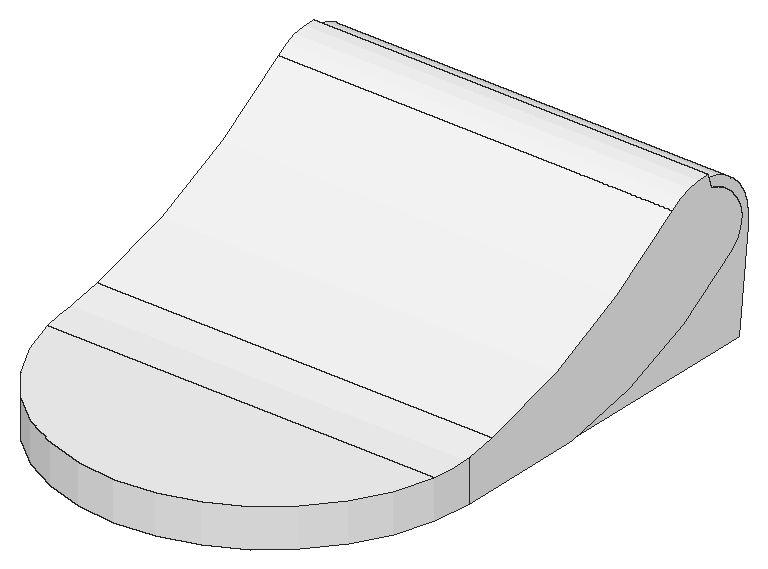
Revit family "Toilet_Seat-American_Standard-Advance_Clean-8012A80GRC.020", category Specialty Equipment, Revit 2018
Family settings
  Round Connector Dimension = Use Diameter
  Part Type = Normal
  OmniClass Number = 23.45.05.21.14.11
  OmniClass Title = Water Closet Seats
  Work Plane-Based = Yes
  Always vertical = No
  Cut with Voids When Loaded = No
  Shared = Yes
  Room Calculation Point = No
Parameters (values of type "8012A80GRC.020")
  Width = 21 1/2"  # constant formula
  Warranty Information = "1 Year Limited Warranty"
  URL = "https://www.americanstandard-us.com/"
  Product Page URL = "https://www.americanstandard-us.com/bathroom/spalet-bidet-seats/advanced-clean-20-spalet-bidet-seat-with-remote-control-operation-31909"
  Product Documentation Link = "https://www.americanstandard-us.com/-/media/sites/asus/files/product-specs/spalet-bidet-seats/advanced-clean-spalet-bidet-seats/spec-8012a80grc-020-spaletseat-wremote-f.pdf?la=en"
  Price = "Prices may vary. Please consult Manufacturer Representative for most up-to-date price list."  # constant formula
  Model = "8012A80GRC.020"
  Material = "Plastic-American Standard-020-White"
  Manufacturer = "American Standard"  # constant formula
  Length = 16 3/4"  # constant formula
  Installation Type = "Surface Mounted"
  IAPMO Compliance = "ASME A112.4.2/CSA B45.16"  # constant formula
  Hole Location = 5 1/2"  # constant formula
  Height = 6 3/8"  # constant formula
  Description = "American Standard Advanced Clean AC 2.0 SpaLet Seat With Remote Control Operation"  # constant formula
  Default Elevation = 0"
  Creation Date = "09/11/2017"  # constant formula
  Assembly Code = "C1030200"
Reference planes (in)
  plane 1 "Center (Front/Back)": y = 0
  plane 2: z = 0
  plane 3 "Center (Left/Right)": x = 0
  plane 4: z = 2.1875
  plane 5: y = 3
  plane 6: y = -3
  plane 7: x = 7.6875
  plane 8: x = -7.6875
  plane 9: y = -18.5
  plane 10: x = -9.0625
  plane 11: z = 6.375
  plane 12: x = -9.0625
Forms (in)
  Extrusion 1, solid, material "Plastic-American Standard-020-White"
    sketch origin (0.28491, -0.17924, 1.01655) x (1, 0, 0) y (0, 0.939693, 0.34202)
      loop
        line (-7.97241, 1.50812) -> (-8.98523, 1.11979)
        arc (-8.98523, 1.11979) -> (-9.24673, 0.94007) -> (-9.34741, 0.63916) r 0.5
        line (-9.34741, 0.63916) -> (-9.34741, -1.53674)
        arc (-9.34741, -1.53674) -> (-9.30299, -1.74277) -> (-9.17762, -1.91219) r 0.5
        line (-9.17762, -1.91219) -> (-7.97241, -2.97218) -> (-7.97241, 1.50812)
    from 0 to 0.55078
  Extrusion 2, solid, material "Plastic-American Standard-020-White"
    sketch origin (0, 0, 0) x (0, 1, 0) y (0, 0, 1)
      loop
        line (2.52421, 0) -> (2.97445, 3.66691)
        arc (2.97445, 3.66691) -> (1.7735, 6.05847) -> (-0.89617, 5.87217) r 2.41391
        arc (-0.89617, 5.87217) -> (-5.05387, 3.34218) -> (-9.66527, 1.78578) r 22.05305
        arc (-9.66527, 1.78578) -> (-10.98208, 1.57165) -> (-12.31427, 1.5) r 12.42009
        line (-12.31427, 1.5) -> (-18.5, 1.5) -> (-18.5, 0) -> (2.52421, 0)
    from -9.5 to 9.4979
  Extrusion 3, void
    sketch origin (0, 0, 0) x (1, 0, 0) y (0, 1, 0)
      loop
        line (-7.6875, -10.8125) -> (-7.6875, 3) -> (-9.75, 3) -> (-9.75, -19.5) -> (10.1875, -19.5) -> (10.1875, 3) -> (7.6875, 3) -> (7.6875, -10.8125)
        arc (7.6875, -10.8125) -> (0, -18.5) -> (-7.6875, -10.8125) r 7.6875
    from 0 to 6.85171
  Extrusion 4, void
    sketch origin (0, 0, 0) x (0, 1, 0) y (0, 0, 1)
      loop
        line (3.0625, -0.25) -> (3.0625, 4.18543)
        arc (3.0625, 4.18543) -> (2.40718, 5.77114) -> (0.82361, 6.4316) r 2.24618
        line (0.82361, 6.4316) -> (0.98441, 5.83147)
        arc (0.98441, 5.83147) -> (1.80709, 5.42864) -> (2.34835, 4.68966) r 1.91391
        arc (2.34835, 4.68966) -> (2.40185, 3.89778) -> (1.96777, 3.23332) r 1.25
        arc (1.96777, 3.23332) -> (-1.85605, 1.01305) -> (-6.1509, -0.03833) r 15.5139
        line (-6.1509, -0.03833) -> (-6.1509, -0.25) -> (3.0625, -0.25)
    from -7.61216 to -7.6875
  Extrusion 5, void
    sketch origin (23, 0, 0) x (0, 1, 0) y (0, 0, 1)
      loop
        line (3.0625, -0.25) -> (3.0625, 4.18543)
        arc (3.0625, 4.18543) -> (2.39914, 5.77917) -> (0.80088, 6.43155) r 2.24618
        line (0.80088, 6.43155) -> (0.96031, 5.83654)
        arc (0.96031, 5.83654) -> (1.79762, 5.43652) -> (2.34835, 4.68966) r 1.91391
        arc (2.34835, 4.68966) -> (2.40185, 3.89778) -> (1.96777, 3.23332) r 1.25
        arc (1.96777, 3.23332) -> (-1.85605, 1.01305) -> (-6.1509, -0.03833) r 15.5139
        line (-6.1509, -0.03833) -> (-6.1509, -0.25) -> (3.0625, -0.25)
    from -15.23909 to -15.38268
  Extrusion 6, void
    sketch origin (0, 0, 0) x (0, 1, 0) y (0, 0, 1)
      loop
        arc (2.97445, 3.66691) -> (2.47137, 5.45914) -> (0.84266, 6.36051) r 2.41391
        line (0.84266, 6.36051) -> (0.87752, 6.23039)
        arc (0.87752, 6.23039) -> (2.38842, 5.36231) -> (2.85038, 3.68215) r 2.28891
        line (2.85038, 3.68215) -> (2.39827, 0) -> (2.52421, 0) -> (2.97445, 3.66691)
    from -7.61216 to 7.61732
Cuts and joins
  Extrusion 5 cuts Extrusion 1
  Extrusion 3, Extrusion 4, Extrusion 5, Extrusion 6 cuts Extrusion 2
  joined: Extrusion 1, Extrusion 2
Lines and regions (in)
  Masking region 1
    outline origin (0, 0, 0) x (1, 0, 0) y (0, 1, 0)
      loop
        line (-7.6875, 1.31975) -> (-8.70032, 0.93142)
        arc (-8.70032, 0.93142) -> (-8.96182, 0.75169) -> (-9.0625, 0.45078) r 0.5
        line (-9.0625, 0.45078) -> (-9.0625, -1.73056)
        arc (-9.0625, -1.73056) -> (-9.00397, -1.9653) -> (-8.8421, -2.14508) r 0.5
        line (-8.8421, -2.14508) -> (-7.6875, -3.16056) -> (-7.6875, -10.8125)
        arc (-7.6875, -10.8125) -> (0, -18.5) -> (7.6875, -10.8125) r 7.6875
        line (7.6875, -10.8125) -> (7.6875, 2.44246) -> (7.61732, 2.44246) -> (7.61732, 2.86744) -> (-7.61216, 2.86744) -> (-7.61216, 2.44246) -> (-7.6875, 2.44246) -> (-7.6875, 1.31975)
  symbolic lines, detail levels medium+fine
    curve 1: line (-7.6875, -3.16056, 0) -> (-7.6875, 1.31975, 0)
  symbolic lines, detail levels fine
    curve 2: line (-7.61216, 2.44246, 0) -> (-7.61216, 0.87752, 0)
    curve 3: line (-7.6875, 0.87752, 0) -> (7.6875, 0.87752, 0)
    curve 4: line (7.61732, 0.87752, 0) -> (7.61732, 2.44246, 0)
Dimensions and locks (in)
  plane 6 to plane 5 = 6"
  "Width": plane 5 to plane 9
  plane 8 to plane 7 = 15 3/8"  (x2)
  "Height": plane 11 to plane 2
  "Length": plane 10 to plane 7
  aligned and locked: level to plane 2
Automatic sketch dimensions
  Extrusion 2 sketch curve to plane 9 = 0"
  Extrusion 2 sketch curve to level = 0"
  Extrusion 2 sketch curve to plane 9 = 4.13119"
  Extrusion 2 sketch curve to plane 4 = 11/16"
  Extrusion 2 sketch curve to Extrusion 2 sketch curve = 6.18573"
  Extrusion 2 sketch curve to plane 1 "Center (Front/Back)" = 0.57854"
  Extrusion 2 sketch curve to plane 5 = 0.47579"
  Extrusion 2 sketch curve to plane 5 = 0.02555"
  plane 4 to Extrusion 2 sketch curve = 1.47941"
  plane 4 to Extrusion 2 sketch curve = 1.77359"
  plane 11 to Extrusion 2 sketch curve = 7.54509"
  Extrusion 2 sketch curve to Extrusion 2 sketch curve = 9.41131"
  Extrusion 2 sketch curve to Extrusion 2 sketch curve = 0"
  Extrusion 3 sketch curve to plane 5 = 0"  (x2)
  Extrusion 3 sketch curve to plane 8 = 0"
  Extrusion 3 sketch curve to plane 3 "Center (Left/Right)" = 0"
  plane 10 to Extrusion 3 sketch curve = 11/16"
  plane 7 to Extrusion 3 sketch curve = 2 1/2"
  Extrusion 3 sketch curve to plane 9 = 7 11/16"
  plane 9 to Extrusion 3 sketch curve = 1"
  plane 6 to Extrusion 4 sketch curve = 4.65468"
  Extrusion 4 sketch curve to level = 0.03833"
  plane 6 to Extrusion 4 sketch curve = 3.1509"
  Extrusion 4 sketch curve to plane 1 "Center (Front/Back)" = 0.57854"
  Extrusion 4 sketch curve to Extrusion 4 sketch curve = 0.23779"
  plane 11 to Extrusion 4 sketch curve = 0.0566"
  Extrusion 4 sketch curve to plane 1 "Center (Front/Back)" = 0.82361"
  Extrusion 4 sketch curve to Extrusion 4 sketch curve = 0.1608"
  Extrusion 4 sketch curve to Extrusion 4 sketch curve = 0.37613"
  plane 5 to Extrusion 4 sketch curve = 1/16"
  Extrusion 4 sketch curve to level = 1/4"
  Extrusion 4 sketch curve to Extrusion 4 sketch curve = 0.22434"
  Extrusion 4 sketch curve to Extrusion 4 sketch curve = 0.02839"
  Extrusion 4 sketch curve to plane 11 = 0.54353"
  plane 11 to Extrusion 4 sketch curve = 9.02752"
  Extrusion 4 sketch curve to Extrusion 4 sketch curve = 0"
  plane 6 to Extrusion 5 sketch curve = 4.65468"
  Extrusion 5 sketch curve to level = 1/4"
  plane 6 to Extrusion 5 sketch curve = 3.1509"
  Extrusion 5 sketch curve to plane 1 "Center (Front/Back)" = 0.57854"
  plane 11 to Extrusion 5 sketch curve = 0.05655"
  Extrusion 5 sketch curve to plane 1 "Center (Front/Back)" = 0.80088"
  Extrusion 5 sketch curve to Extrusion 5 sketch curve = 0.23779"
  Extrusion 5 sketch curve to Extrusion 5 sketch curve = 0.15943"
  Extrusion 5 sketch curve to Extrusion 5 sketch curve = 0.37613"
  plane 5 to Extrusion 5 sketch curve = 1/16"
  Extrusion 5 sketch curve to level = 0.03833"
  Extrusion 5 sketch curve to Extrusion 5 sketch curve = 0.22434"
  Extrusion 5 sketch curve to Extrusion 5 sketch curve = 0.02839"
  Extrusion 5 sketch curve to plane 11 = 0.53846"
  plane 11 to Extrusion 5 sketch curve = 9.02752"
  Extrusion 5 sketch curve to Extrusion 5 sketch curve = 0"
  Extrusion 6 sketch curve to Extrusion 6 sketch curve = 0"  (x2)
  Extrusion 6 sketch curve to level = 0"
  Extrusion 6 sketch curve to plane 1 "Center (Front/Back)" = 0.57854"
  Extrusion 6 sketch curve to plane 11 = 0.01449"
  Extrusion 6 sketch curve to plane 1 "Center (Front/Back)" = 0.84266"
  Extrusion 6 sketch curve to plane 11 = 0.14461"
  Extrusion 6 sketch curve to Extrusion 6 sketch curve = 0.03487"
  Extrusion 6 sketch curve to plane 5 = 0.60173"
  Extrusion 6 sketch curve to Extrusion 6 sketch curve = 0.12594"
  Extrusion 6 sketch curve to plane 5 = 0.14962"
  Extrusion 6 sketch curve to plane 5 = 0.02555"
  plane 4 to Extrusion 6 sketch curve = 1.47941"
  Masking region 1 sketch curve to plane 10 = 0"
  Masking region 1 sketch curve to plane 7 = 0"
  Masking region 1 sketch curve to plane 10 = 0.2204"
  Masking region 1 sketch curve to plane 10 = 0.36218"
  Masking region 1 sketch curve to plane 10 = 1/2"  (x2)
  Masking region 1 sketch curve to plane 8 = 0.07534"
  Masking region 1 sketch curve to Masking region 1 sketch curve = 0.07018"
  Masking region 1 sketch curve to plane 6 = 0.85492"
  Masking region 1 sketch curve to plane 1 "Center (Front/Back)" = 0.45078"
  Masking region 1 sketch curve to plane 5 = 0.55754"  (x2)
  Masking region 1 sketch curve to plane 5 = 0.13256"
  plane 6 to Masking region 1 sketch curve = 0.16056"
  Masking region 1 sketch curve to Masking region 1 sketch curve = 1.12271"
  Masking region 1 sketch curve to plane 8 = 0"  (x2)
  Masking region 1 sketch curve to plane 9 = 7 11/16"
  Extrusion 1 sketch curve to plane 10 = 0"
  Extrusion 1 sketch curve to plane 8 = 0"
  Extrusion 1 sketch curve to plane 10 = 0.16979"
  Extrusion 1 sketch curve to plane 10 = 0.36218"
  Extrusion 1 sketch curve to plane 10 = 1/2"  (x2)
  Extrusion 1 sketch curve to Extrusion 1 sketch curve = 1.05999"
  Extrusion 1 sketch curve to Extrusion 1 sketch curve = 2.1759"
  Extrusion 1 sketch curve to Extrusion 1 sketch curve = 0.38833"
  curve 1 to plane 8 = 0"
  plane 6 to curve 1 = 0.16056"
  curve 2 to plane 8 = 0.07534"
  curve 4 to plane 7 = 0.07018"
  plane 7 to curve 3 = 0"
  curve 4 to plane 1 "Center (Front/Back)" = 0.87752"
  curve 3 to curve 1 = 0.44222"
  curve 4 to plane 5 = 0.55754"
  curve 2 to plane 5 = 0.55754"
